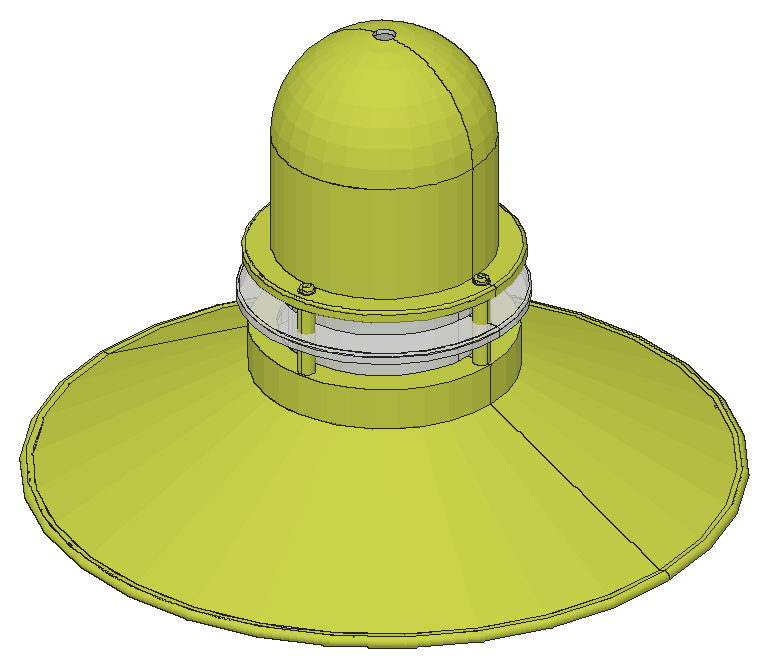
Revit family "UCP216 SHADE", category Lighting Fixtures, Revit 2024
Family settings
  Round Connector Dimension = Use Diameter
  Part Type = Normal
  OmniClass Number = 23.80.70.00
  OmniClass Title = Lighting
  Work Plane-Based = No
  Always vertical = Yes
  Cut with Voids When Loaded = No
  Light Source = Yes
  Maintain Annotation Orientation = No
  Shared = No
  Room Calculation Point = No
Parameters
  Wattage = 12.1178 W
  built-in parameter 1150110 = 1 (stored number, unit not read)
  built-in parameter 1114217 = 1 (stored number, unit not read)
  built-in parameter 1150109 = 1 (stored number, unit not read)
  built-in parameter 1150134 = (empty or 0)
  built-in parameter 1150113 = 1 (stored number, unit not read)
  Lumens = 1800 lm
  built-in parameter 1150115 = 1 (stored number, unit not read)
  built-in parameter 1150105 = 572.96 (stored number, unit not read)
  Light Source Symbol Size = 2' - 0"
  built-in parameter 1150137 = (empty or 0)
  built-in parameter 1150139 = (empty or 0)
  built-in parameter 1150112 = 1 (stored number, unit not read)
  built-in parameter 1150114 = 1 (stored number, unit not read)
  built-in parameter 1150132 = 2
  built-in parameter 1150102 = (empty or 0)
  built-in parameter 1150138 = (empty or 0)
  built-in parameter 1150107 = 3000 (stored number, unit not read)
  built-in parameter 1150106 = 5.7296 (stored number, unit not read)
  built-in parameter 1150104 = 13.8 (stored number, unit not read)
  Dimming Lamp Color Temperature Shift = (empty or 0)
  Default Elevation = 0' - 0"
  Color Filter = 16777215
  built-in parameter 1114218 = 1 (stored number, unit not read)
  built-in parameter 1150133 = 10 (stored number, unit not read)
Reference planes (in)
  plane 1 "Light Source Axis (F/B)": y = 0
  plane 2: z = 0
  plane 3 "Light Source Axis (L/R)": x = 0
  plane 4 "Light Source Elevation": z = 54
Forms (in)
  Revolve 1, solid
    sketch origin (0, 0, 0) x (1, 0, 0) y (0, 0, 1)
      loop
        line (-7.74025, 54.25) -> (-7.875, 54.25)
        arc (-7.875, 54.25) -> (-7.95852, 54.032) -> (-7.75072, 54.13838) r 0.125
        line (-7.75072, 54.13838) -> (-2.90625, 56.70327) -> (-2.90625, 57.64228) -> (-2.36335, 57.64228) -> (-2.36335, 57.73603) -> (-3, 57.73603) -> (-3, 56.75972) -> (-7.74025, 54.25)
      loop
        line (-3.25, 58.5) -> (-3.15625, 58.5) -> (-3.15625, 58.65625) -> (-2.36335, 58.65625) -> (-2.36335, 58.75) -> (-3.1875, 58.75)
        arc (-3.1875, 58.75) -> (-3.23169, 58.73169) -> (-3.25, 58.6875) r 0.0625
        line (-3.25, 58.6875) -> (-3.25, 58.5)
      loop
        line (-3.125, 59.5) -> (-3.03125, 59.5) -> (-3.03125, 59.65625) -> (-2.40625, 59.65625) -> (-2.40625, 62.5)
        arc (-2.40625, 62.5) -> (-1.78768, 64.11066) -> (-0.25, 64.89323) r 2.40625
        line (-0.25, 64.89323) -> (-0.25, 64.98747)
        arc (-0.25, 64.98747) -> (-1.85405, 64.17705) -> (-2.5, 62.5) r 2.5
        line (-2.5, 62.5) -> (-2.5, 59.75) -> (-3.0625, 59.75)
        arc (-3.0625, 59.75) -> (-3.10669, 59.73169) -> (-3.125, 59.6875) r 0.0625
        line (-3.125, 59.6875) -> (-3.125, 59.5)
      loop
        line (-2.1, 60.33544) -> (-2.1, 55.0153)
        arc (-2.1, 55.0153) -> (-1.48492, 53.53037) -> (0, 52.9153) r 2.1
        line (0, 52.9153) -> (0, 53.00905)
        arc (0, 53.00905) -> (-1.41863, 53.59666) -> (-2.00625, 55.0153) r 2.00625
        line (-2.00625, 55.0153) -> (-2.00625, 60.33544) -> (-2.1, 60.33544)
      axis (0, 64.98747) -> (0, 52.9153)
    angle from 0 to 360
  Sweep 2, solid
    path origin (0, 0, 1.125) x (1, 0, 0) y (0, 0, 1)
      loop
        line (-2.72529, 56.61103) -> (-2.72529, 58.625)
    profile origin (-2.72529, 0, 58.74301) x (-1, 0, 0) y (0, -1, 0)
      loop
        circle (0, 0) r 0.1875
  Revolve 3, solid
    sketch origin (0, 0, 1.125) x (1, 0, 0) y (0, 0, 1)
      loop
        line (-2.72529, 58.625) -> (-2.72529, 58.73904) -> (-2.82891, 58.73904)
        arc (-2.82891, 58.73904) -> (-2.86416, 58.72444) -> (-2.87875, 58.6892) r 0.04984
        line (-2.87875, 58.6892) -> (-2.87875, 58.625) -> (-2.72529, 58.625)
      axis (-2.72529, 58.73904) -> (-2.72529, 58.625)
    angle from 0 to 360
  Sweep 4, solid
    path origin (0, 0, 1.125) x (0, -1, 0) y (0, 0, 1)
      loop
        line (-2.72529, 56.61103) -> (-2.72529, 58.625)
    profile origin (0, 2.72529, 58.74301) x (0, 1, 0) y (-1, 0, 0)
      loop
        circle (0, 0) r 0.1875
  Revolve 5, solid
    sketch origin (0, 0, 1.125) x (0, -1, 0) y (0, 0, 1)
      loop
        line (-2.72529, 58.625) -> (-2.72529, 58.73904) -> (-2.82891, 58.73904)
        arc (-2.82891, 58.73904) -> (-2.86416, 58.72444) -> (-2.87875, 58.6892) r 0.04984
        line (-2.87875, 58.6892) -> (-2.87875, 58.625) -> (-2.72529, 58.625)
      axis (-2.72529, 58.73904) -> (-2.72529, 58.625)
    angle from 0 to 360
  Sweep 6, solid
    path origin (0, 0, 1.125) x (0, 1, 0) y (0, 0, 1)
      loop
        line (-2.72529, 56.61103) -> (-2.72529, 58.625)
    profile origin (0, -2.72529, 58.74301) x (0, -1, 0) y (1, 0, 0)
      loop
        circle (0, 0) r 0.1875
  Revolve 7, solid
    sketch origin (0, 0, 1.125) x (0, 1, 0) y (0, 0, 1)
      loop
        line (-2.72529, 58.625) -> (-2.72529, 58.73904) -> (-2.82891, 58.73904)
        arc (-2.82891, 58.73904) -> (-2.86416, 58.72444) -> (-2.87875, 58.6892) r 0.04984
        line (-2.87875, 58.6892) -> (-2.87875, 58.625) -> (-2.72529, 58.625)
      axis (-2.72529, 58.73904) -> (-2.72529, 58.625)
    angle from 0 to 360
  Sweep 8, solid
    path origin (0, 0, 1.125) x (-1, 0, 0) y (0, 0, 1)
      loop
        line (-2.72529, 56.61103) -> (-2.72529, 58.625)
    profile origin (2.72529, 0, 58.74301) x (1, 0, 0) y (0, 1, 0)
      loop
        circle (0, 0) r 0.1875
  Revolve 9, solid
    sketch origin (0, 0, 1.125) x (-1, 0, 0) y (0, 0, 1)
      loop
        line (-2.72529, 58.625) -> (-2.72529, 58.73904) -> (-2.82891, 58.73904)
        arc (-2.82891, 58.73904) -> (-2.86416, 58.72444) -> (-2.87875, 58.6892) r 0.04984
        line (-2.87875, 58.6892) -> (-2.87875, 58.625) -> (-2.72529, 58.625)
      axis (-2.72529, 58.73904) -> (-2.72529, 58.625)
    angle from 0 to 360
Dimensions and locks (in)
  aligned and locked: plane 3 "Light Source Axis (L/R)" to imposter light
  aligned and locked: plane 1 "Light Source Axis (F/B)" to imposter light
  aligned and locked: plane 4 "Light Source Elevation" to imposter light
  aligned and locked: level to plane 2
